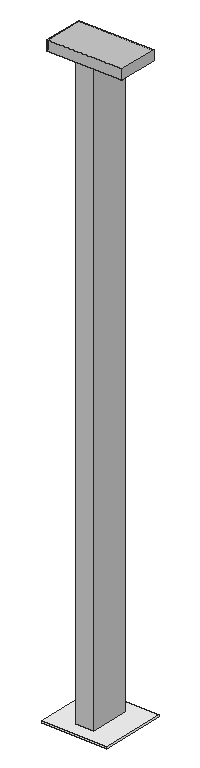
Revit family "BE_84275_de_DE", category Leuchten, Revit 2020
Family settings
  Basisbauteil = Fläche
  Bemaßung runder Anschluss = Durchmesser verwenden
  Teiletyp = Normal
  Beim Laden mit Abzugskörper schneiden = Ja
  Lichtquelle = Nein
  Gemeinsam genutzt = Nein
  Raumberechnungspunkt = Ja
Parameters (values of type "BEGA_84275_Silber_K4")
  Default Elevation = 0 mm
  Umgebungstemperatur = "25 °C"
  URL = "https://www.bega.com/de/produkt/84275"
  Typenkommentare = "© 2022 BEGA. Wir behalten uns das Recht vor, technische Änderungen ohne vorherige Ankündigung vorzunehmen."  # constant formula
  Typenbild = 84275.png
  Strom = ""
  Spannung = 239.996 V
  Sonderanfertigung = no
  Seriennummer [instance] = "Hier können Sie die eindeutige Seriennummer für das Facility Management eintragen."
  Schutzklasse = "I"
  Schutzart = "IP 65"
  Scheinlast = 0 VA
  Produktdatenblatt = "https://cdn.bega.com/bega/products/84275AK3/current/documents/data-sheets/de"
  Oberflächentemperatur = ""
  Modell = "84275AK4"
  Material_17 = BEGA_Reflektor
  Material_15 = BEGA_Leuchtmedium_matt
  Material_11 = BEGA_Glas_opal
  Material_09 = BEGA_Glas_klar
  Material_06 = BEGA_Oberfläche_Edelstahl_gebürstet
  Material_03 = BEGA_Oberfläche_Weiss_matt
  Material_02 = BEGA_Oberfläche_Silber_matt
  Material_01 [instance] = BEGA_Oberfläche_Grafit_matt
  M_W = no
  M_G = no
  M_A = yes
  Logo = 0
  Leuchtenlichtstrom = "5038 lm"
  Leuchtenanzahl = ""
  Lebensdauerkriterien = "L70B50 @ 25 °C = 200000 h"
  Lastklassifizierung = Beleuchtung
  Lampenlichtstrom = "6180 lm"
  Lampe = "LED 30.8 W"
  LED_Modulbezeichnung = "4 x LED-0850/840"
  Hersteller = "BEGA"  # constant formula
  Halbstreuwinkel = ""
  Gewicht = "35.1 kg"
  Gebrauchslageneinschränkung [instance] = ""
  Frequenz = "0/50-60 Hz"
  Farbwiedergabeindex = "CRI > 80"
  Farbtemperatur = "4000 K"
  Energieeffizienzklasse = "LED A++ - A"
  ENEC = "ja"
  Dimmbar [instance] = "DALI"
  CE_Konformität = "ja"
  Bestellnummer = "84275AK4"
  Beschreibung_Sonderanfertigung = "Hier können Sie Informationen zur Sonderanfertigung eintragen."
  Beschreibung = "Lichtbauelement"
  Befestigungsbohrung = ""
  Befestigungsabstand = ""
  Ballwurfsicher = ""
  BEGA_Intern_aus = yes
  BEGA_Intern_an = yes
  BEGA_Intern_Konstruktion = yes
  BEGA_Intern = yes
  BEGA_IES2 = yes
  BEGA_IES1 = no
  BEGA_IES = yes
  BEGA_Dummy = no
  Anschlussleitung = ""
  Anschlussleistung [instance] = "36 W"
  Anschlusskasten = ""
  Aktualisierung = "2022-05-19T04:00:07"
  Abstand_zur_angestrahlten_Fläche [instance] = ""
  AC/DC = "AC/DC"
Types (4, lengths in mm): name | Modell | M_G | M_A | Leuchtenlichtstrom | Lampenlichtstrom | LED_Modulbezeichnung | Farbtemperatur | Bestellnummer | BEGA_IES2 | BEGA_IES1
  BEGA_84275_Grafit_K3 | "84275K3" | yes | no | "4892 lm" | "6000 lm" | "4 x LED-0850/830" | "3000 K" | "84275K3" | no | yes
  BEGA_84275_Silber_K4 | "84275AK4" | no | yes | "5038 lm" | "6180 lm" | "4 x LED-0850/840" | "4000 K" | "84275AK4" | yes | no
  BEGA_84275_Silber_K3 | "84275AK3" | no | yes | "4892 lm" | "6000 lm" | "4 x LED-0850/830" | "3000 K" | "84275AK3" | no | yes
  BEGA_84275_Grafit_K4 | "84275K4" | yes | no | "5038 lm" | "6180 lm" | "4 x LED-0850/840" | "4000 K" | "84275K4" | yes | no
Reference planes
  plane 1 "Mitte (Vorne/Hinten)": y = 0
  plane 2: z = 0
  plane 3 "Mitte (Links/Rechts)": x = 0
  plane 4 "Links": x = -230
  plane 5 "Rechts": x = 230
  plane 6 "Unten": y = -120
  plane 7 "Oben": y = 120
  plane 8 "Vorne": z = 3699
  plane 9 "Hinten": z = 0
Forms (mm)
  Extrusion 1, solid, material "BEGA_Platte_Weiss"
    sketch origin (0, -1119.2, 0) x (1, 0, 0) y (0, 1, 0)
      loop
        line (-200, 1319.2) -> (-200, 919.2) -> (200, 919.2) -> (200, 1319.2) -> (-200, 1319.2)
    from 0 to -10
  Extrusion 2, solid, material "BEGA_Dummy_matt", visible <- "BEGA_Dummy"
    sketch origin (80.095, -76.023, 0) x (1, 0, 0) y (0, 1, 0)
      loop
        line (-310.095, 196.023) -> (-310.095, -43.977) -> (149.905, -43.977) -> (149.905, 196.023) -> (-310.095, 196.023)
    from 0 to 3699
Dimensions and locks
  plane 1 "Mitte (Vorne/Hinten)" to Extrusion 1 = 200 mm
  aligned and locked: plane 2 to Extrusion 1
  aligned and locked: level to Extrusion 1
Nested families
  nested 1: "BE_84275" at (0, 0, 0) x (0, 1, 0) z (0, 0, 1), type "BE_84275"
    with BEGA_IES1 no
Connectors
  electrical at (0, 0, 0), driven by "Lastklassifizierung", driven by "Spannung", driven by "Scheinlast"
    settings: index 1, voltage 239.996 V, apparent load 0 VA, apparent load phase1 0 VA, apparent load phase2 0 VA, apparent load phase3 0 VA, power factor 1, load classification "Beleuchtung", number of poles 1, system type 31, power factor state 1, is connector primary yes, connector utility no, sub classification motor no, connector description ""
Definition of nested family "BE_84275"
  Parameters (values of type "BE_84275")
    Default Elevation = 1 mm
    URL = "http://www.bega.de/de/produkt"
    Type Comments = "© 2015 BEGA. Wir behalten uns das Recht vor, technische Änderungen ohne vorherige Ankündigung vorzunehmen. "  # constant formula
    Type Image = (empty or 0)
    Neigungswinkel_um_Z2 = 0.00°
    Neigungswinkel_um_Z1 = 0.00°
    Neigungswinkel_um_Y2 = 0.00°
    Neigungswinkel_um_Y1 = 0.00°
    Neigungswinkel_um_X2 = 0.00°
    Neigungswinkel_um_X1 = 0.00°
    Material_17 = none
    Material_15 = none
    Material_11 = none
    Material_09 = none
    Material_06 = none
    Material_02 = none
    Material_01 = none
    M_W = yes
    M_G = yes
    M_A = yes
    Länge_Platte = 200 mm  # constant formula
    Höhe_Platte = -10 mm  # constant formula
    Manufacturer = "BEGA"  # constant formula
    Drehwinkel_um_Z2 = 0.00°
    Drehwinkel_um_Z1 = 0.00°
    Breite_Platte = 200 mm  # constant formula
    BEGA_IES2 = yes
    BEGA_IES1 = yes
  Reference planes
    plane 1 "Mitte (Oben/Unten)": y = 0
    plane 2: z = 0
    plane 3 "Mitte (Links/Rechts)": x = 0
    plane 4: z = 3699
    plane 5: x = 120
    plane 6: z = 0
    plane 7: x = -120
    plane 8: y = 230
    plane 9: y = -230
  Forms (mm)
    Extrusion 1, solid, detail levels medium
      sketch origin (0, 0, 0) x (1, 0, 0) y (0, 1, 0)
        loop
          line (-100, 100) -> (-100, -100) -> (100, -100) -> (100, 100) -> (-100, 100)
      from 0 to -10 <- "Höhe_Platte"
    Extrusion 2, solid, material <- "Material_01", visible <- "M_G"
      sketch origin (0, 0, 0) x (1, 0, 0) y (0, 1, 0)
        loop
          line (120, -55) -> (120, 55) -> (-120, 55) -> (-120, -55) -> (120, -55)
        loop
          line (116, -51) -> (116, 51.975) -> (-116, 51.975) -> (-116, -51) -> (116, -51)
      from 0 to 3635.9
    Extrusion 3, solid, material <- "Material_01", visible <- "M_G"
      sketch origin (0, 2, 0) x (1, 0, 0) y (0, 1, 0)
        loop
          line (120, 228) -> (-120, 228) -> (-120, -232) -> (120, -232) -> (120, 228)
        loop
          line (-117.474, -229.474) -> (117.474, -229.474) -> (117.474, 225.474) -> (-117.474, 225.474) -> (-117.474, -229.474)
      from 3639.5 to 3696
    Extrusion 4, solid, material <- "Material_01", visible <- "M_G"
      sketch origin (0, 0, 0) x (1, 0, 0) y (0, 1, 0)
        loop
          line (-120, -230) -> (120, -230) -> (120, 230) -> (-120, 230) -> (-120, -230)
      from 3696 to 3699
    Extrusion 5, solid, material <- "Material_01", visible <- "M_G"
      sketch origin (0, 0, 0) x (1, 0, 0) y (0, 1, 0)
        loop
          line (-117.474, 227.474) -> (-117.474, -227.474) -> (117.474, -227.474) -> (117.474, 227.474) -> (-117.474, 227.474)
        loop
          line (-107.474, 220.544) -> (-107.474, 60.456) -> (107.474, 60.456) -> (107.474, 220.544) -> (-107.474, 220.544)
        loop
          line (-107.474, -220.544) -> (107.474, -220.544) -> (107.474, -60.456) -> (-107.474, -60.456) -> (-107.474, -220.544)
      from 3635.9 to 3639.5
    Extrusion 6, solid, material <- "Material_09"
      sketch origin (0, 0, 0) x (0, 1, 0) y (0, 0, 1)
        loop
          line (220.5, 3636.4) -> (220.5, 3640.4) -> (60.5, 3640.4) -> (60.5, 3636.4) -> (220.5, 3636.4)
      from -107.474 to 107.474
    Extrusion 7, solid, material <- "Material_17"
      sketch origin (0, 0, 0) x (0, 1, 0) y (0, 0, 1)
        loop
          arc (212.73, 3645.6) -> (163.423, 3672.067) -> (108.727, 3683.9) r 200.8
          line (108.727, 3683.9) -> (99.596, 3683.9) -> (97.307, 3679.936) -> (98, 3679.536) -> (100, 3683) -> (110, 3683)
          arc (110, 3683) -> (163.895, 3671.04) -> (212.468, 3644.8) r 200
          line (212.468, 3644.8) -> (215.468, 3644.8) -> (215.468, 3645.6) -> (212.73, 3645.6)
        loop
          line (89.307, 3666.079) -> (84.208, 3657.247)
          arc (84.208, 3657.247) -> (84.397, 3651.38) -> (85.426, 3645.6) r 40.8
          line (85.426, 3645.6) -> (64.468, 3645.6) -> (64.468, 3644.8) -> (86.468, 3644.8)
          arc (86.468, 3644.8) -> (85.261, 3650.853) -> (85, 3657.019) r 40
          line (85, 3657.019) -> (90, 3665.679) -> (89.307, 3666.079)
      from -107.474 to 107.474
    Extrusion 8, solid, material <- "Material_17"
      sketch origin (0, 0, 0) x (0, 1, 0) y (0, 0, 1)
        loop
          line (215.468, 3644.8) -> (215.468, 3645.6) -> (212.73, 3645.6)
          arc (212.73, 3645.6) -> (163.423, 3672.067) -> (108.727, 3683.9) r 200.8
          line (108.727, 3683.9) -> (99.596, 3683.9) -> (84.208, 3657.247)
          arc (84.208, 3657.247) -> (84.397, 3651.38) -> (85.426, 3645.6) r 40.8
          line (85.426, 3645.6) -> (64.468, 3645.6) -> (64.468, 3644.8) -> (215.468, 3644.8)
      from 42 to 107.474
    Extrusion 9, solid, material <- "Material_17"
      sketch origin (0, 0, 0) x (0, 1, 0) y (0, 0, -1)
        loop
          line (215.468, -3644.8) -> (64.468, -3644.8) -> (64.468, -3645.6) -> (85.426, -3645.6)
          arc (85.426, -3645.6) -> (84.397, -3651.38) -> (84.208, -3657.247) r 40.8
          line (84.208, -3657.247) -> (99.596, -3683.9) -> (108.727, -3683.9)
          arc (108.727, -3683.9) -> (163.423, -3672.067) -> (212.73, -3645.6) r 200.8
          line (212.73, -3645.6) -> (215.468, -3645.6) -> (215.468, -3644.8)
      from 42 to 107.474
    Extrusion 10, void
      sketch origin (0, 0, 0) x (1, 0, 0) y (0, 0, 1)
        loop
          line (-107.474, 3644.8) -> (-42, 3644.8) -> (-42, 3654.002) -> (-107.474, 3644.8)
      from -212.73 to -86.468
    Extrusion 11, void
      sketch origin (0, 0, 0) x (-1, 0, 0) y (0, 0, -1)
        loop
          line (-107.474, -3644.8) -> (-42, -3654.002) -> (-42, -3644.8) -> (-107.474, -3644.8)
      from -212.73 to -86.468
    Extrusion 12, solid, material <- "Material_15"
      sketch origin (0, 0, 0) x (0, 1, 0) y (0, 0, 1)
        loop
          line (101.755, 3690.114) -> (100.196, 3691.014) -> (81.196, 3658.105) -> (82.755, 3657.205) -> (101.755, 3690.114)
      from -42 to 42
    Extrusion 13, solid, material <- "Material_02", visible <- "M_A"
      sketch origin (0, 0, 0) x (1, 0, 0) y (0, 1, 0)
        loop
          line (120, -55) -> (120, 55) -> (-120, 55) -> (-120, -55) -> (120, -55)
        loop
          line (116, -51) -> (116, 51.975) -> (-116, 51.975) -> (-116, -51) -> (116, -51)
      from 0 to 3635.9
    Extrusion 14, solid, material <- "Material_02", visible <- "M_A"
      sketch origin (0, 2, 0) x (1, 0, 0) y (0, 1, 0)
        loop
          line (120, 228) -> (-120, 228) -> (-120, -232) -> (120, -232) -> (120, 228)
        loop
          line (-117.474, -229.474) -> (117.474, -229.474) -> (117.474, 225.474) -> (-117.474, 225.474) -> (-117.474, -229.474)
      from 3639.5 to 3696
    Extrusion 15, solid, material <- "Material_02", visible <- "M_A"
      sketch origin (0, 0, 0) x (1, 0, 0) y (0, 1, 0)
        loop
          line (-120, -230) -> (120, -230) -> (120, 230) -> (-120, 230) -> (-120, -230)
      from 3696 to 3699
    Extrusion 16, solid, material <- "Material_02", visible <- "M_A"
      sketch origin (0, 0, 0) x (1, 0, 0) y (0, 1, 0)
        loop
          line (-117.474, 227.474) -> (-117.474, -227.474) -> (117.474, -227.474) -> (117.474, 227.474) -> (-117.474, 227.474)
        loop
          line (-107.474, 220.544) -> (-107.474, 60.456) -> (107.474, 60.456) -> (107.474, 220.544) -> (-107.474, 220.544)
        loop
          line (-107.474, -220.544) -> (107.474, -220.544) -> (107.474, -60.456) -> (-107.474, -60.456) -> (-107.474, -220.544)
      from 3635.9 to 3639.5
    Extrusion 17, solid, material <- "Material_17"
      sketch origin (0, 0, 0) x (0, -1, 0) y (0, 0, -1)
        loop
          line (212.73, -3645.6) -> (215.468, -3645.6) -> (215.468, -3644.8) -> (212.468, -3644.8)
          arc (212.468, -3644.8) -> (163.895, -3671.04) -> (110, -3683) r 200
          line (110, -3683) -> (100, -3683) -> (98, -3679.536) -> (97.307, -3679.936) -> (99.596, -3683.9) -> (108.727, -3683.9)
          arc (108.727, -3683.9) -> (163.423, -3672.067) -> (212.73, -3645.6) r 200.8
        loop
          line (89.307, -3666.079) -> (90, -3665.679) -> (85, -3657.019)
          arc (85, -3657.019) -> (85.261, -3650.853) -> (86.468, -3644.8) r 40
          line (86.468, -3644.8) -> (64.468, -3644.8) -> (64.468, -3645.6) -> (85.426, -3645.6)
          arc (85.426, -3645.6) -> (84.397, -3651.38) -> (84.208, -3657.247) r 40.8
          line (84.208, -3657.247) -> (89.307, -3666.079)
      from -107.474 to 107.474
    Extrusion 18, solid, material <- "Material_17"
      sketch origin (0, 0, 0) x (0, -1, 0) y (0, 0, -1)
        loop
          line (215.468, -3644.8) -> (64.468, -3644.8) -> (64.468, -3645.6) -> (85.426, -3645.6)
          arc (85.426, -3645.6) -> (84.397, -3651.38) -> (84.208, -3657.247) r 40.8
          line (84.208, -3657.247) -> (99.596, -3683.9) -> (108.727, -3683.9)
          arc (108.727, -3683.9) -> (163.423, -3672.067) -> (212.73, -3645.6) r 200.8
          line (212.73, -3645.6) -> (215.468, -3645.6) -> (215.468, -3644.8)
      from 42 to 107.474
    Extrusion 19, solid, material <- "Material_17"
      sketch origin (0, 0, 0) x (0, -1, 0) y (0, 0, 1)
        loop
          line (215.468, 3644.8) -> (215.468, 3645.6) -> (212.73, 3645.6)
          arc (212.73, 3645.6) -> (163.423, 3672.067) -> (108.727, 3683.9) r 200.8
          line (108.727, 3683.9) -> (99.596, 3683.9) -> (84.208, 3657.247)
          arc (84.208, 3657.247) -> (84.397, 3651.38) -> (85.426, 3645.6) r 40.8
          line (85.426, 3645.6) -> (64.468, 3645.6) -> (64.468, 3644.8) -> (215.468, 3644.8)
      from 42 to 107.474
    Extrusion 20, void
      sketch origin (0, 0, 0) x (-1, 0, 0) y (0, 0, 1)
        loop
          line (-107.474, 3644.8) -> (-42, 3644.8) -> (-42, 3654.002) -> (-107.474, 3644.8)
      from -212.73 to -86.468
    Extrusion 21, void
      sketch origin (0, 0, 0) x (1, 0, 0) y (0, 0, -1)
        loop
          line (-107.474, -3644.8) -> (-42, -3654.002) -> (-42, -3644.8) -> (-107.474, -3644.8)
      from -212.73 to -86.468
    Extrusion 22, solid, material <- "Material_09"
      sketch origin (0, 0, 0) x (0, -1, 0) y (0, 0, -1)
        loop
          line (220.5, -3636.4) -> (60.5, -3636.4) -> (60.5, -3640.4) -> (220.5, -3640.4) -> (220.5, -3636.4)
      from -107.474 to 107.474
    Extrusion 23, solid, material <- "Material_15"
      sketch origin (0, 0, 0) x (0, -1, 0) y (0, 0, -1)
        loop
          line (101.755, -3690.114) -> (82.755, -3657.205) -> (81.196, -3658.105) -> (100.196, -3691.014) -> (101.755, -3690.114)
      from -42 to 42
  Cuts and joins
    Extrusion 10 cuts Extrusion 3
    Extrusion 10 cuts Extrusion 4
    joined: Extrusion 3, Extrusion 4
    Extrusion 20, Extrusion 21 cuts Extrusion 7
    Extrusion 11, Extrusion 20, Extrusion 21 cuts Extrusion 8
    Extrusion 10, Extrusion 11, Extrusion 20, Extrusion 21 cuts Extrusion 9
    joined: Extrusion 7, Extrusion 8, Extrusion 9
    joined: Extrusion 14, Extrusion 15
    Extrusion 20 cuts Extrusion 18
    Extrusion 21 cuts Extrusion 19
    joined: Extrusion 17, Extrusion 18, Extrusion 19
  Dimensions and locks
    equal spacing: Extrusion 1 sketch curve, plane 3 "Mitte (Links/Rechts)", Extrusion 1 sketch curve
    equal spacing: Extrusion 1 sketch curve, plane 1 "Mitte (Oben/Unten)", Extrusion 1 sketch curve
    "Länge_Platte": Extrusion 1 sketch curve to Extrusion 1 sketch curve
    "Breite_Platte": Extrusion 1 sketch curve to Extrusion 1 sketch curve
    aligned and locked: plane 2 to Extrusion 1
    aligned and locked: level to Extrusion 1
  Automatic sketch dimensions
    Extrusion 2 sketch curve to plane 7 = 0 mm
    Extrusion 2 sketch curve to plane 5 = 0 mm
    plane 7 to Extrusion 2 sketch curve = 4 mm
    plane 5 to Extrusion 2 sketch curve = 4 mm
    Extrusion 2 sketch curve to plane 1 "Mitte (Oben/Unten)" = 51.975 mm
    Extrusion 2 sketch curve to Extrusion 2 sketch curve = 3.025 mm
    Extrusion 3 sketch curve to plane 7 = 0 mm
    Extrusion 3 sketch curve to plane 5 = 0 mm
    plane 7 to Extrusion 3 sketch curve = 2.526 mm
    plane 5 to Extrusion 3 sketch curve = 2.526 mm
    Extrusion 3 sketch curve to Extrusion 3 sketch curve = 2.526 mm  (x2)
    Extrusion 4 sketch curve to plane 7 = 0 mm
    Extrusion 4 sketch curve to plane 5 = 0 mm
    plane 7 to Extrusion 5 sketch curve = 2.526 mm
    Extrusion 5 sketch curve to Extrusion 5 sketch curve = 10 mm  (x2)
    plane 5 to Extrusion 5 sketch curve = 12.526 mm  (x2)
    plane 5 to Extrusion 5 sketch curve = 2.526 mm
    Extrusion 5 sketch curve to Extrusion 5 sketch curve = 6.931 mm  (x2)
    Extrusion 5 sketch curve to plane 1 "Mitte (Oben/Unten)" = 60.456 mm
    Extrusion 6 sketch curve to plane 1 "Mitte (Oben/Unten)" = 60.5 mm
    Extrusion 6 sketch curve to plane 4 = 62.6 mm
    Extrusion 6 sketch curve to Extrusion 6 sketch curve = 4 mm
    Extrusion 7 sketch curve to Extrusion 7 sketch curve = 0 mm  (x5)
    Extrusion 7 sketch curve to plane 1 "Mitte (Oben/Unten)" = 64.468 mm
    Extrusion 7 sketch curve to plane 4 = 41.753 mm
    Extrusion 7 sketch curve to Extrusion 7 sketch curve = 19.74 mm
    Extrusion 7 sketch curve to plane 4 = 41.981 mm
    Extrusion 7 sketch curve to Extrusion 7 sketch curve = 0.792 mm
    Extrusion 7 sketch curve to Extrusion 7 sketch curve = 0.426 mm
    Extrusion 7 sketch curve to Extrusion 7 sketch curve = 1.042 mm
    Extrusion 7 sketch curve to plane 4 = 32.921 mm
    Extrusion 7 sketch curve to Extrusion 7 sketch curve = 4.307 mm
    Extrusion 7 sketch curve to plane 4 = 33.321 mm
    Extrusion 7 sketch curve to Extrusion 7 sketch curve = 0.693 mm  (x2)
    Extrusion 7 sketch curve to plane 1 "Mitte (Oben/Unten)" = 94.032 mm
    Extrusion 7 sketch curve to plane 4 = 19.064 mm
    Extrusion 7 sketch curve to Extrusion 7 sketch curve = 8 mm
    Extrusion 7 sketch curve to plane 4 = 19.464 mm
    Extrusion 7 sketch curve to plane 4 = 15.1 mm
    Extrusion 7 sketch curve to Extrusion 7 sketch curve = 2.289 mm
    Extrusion 7 sketch curve to plane 4 = 16 mm
    Extrusion 7 sketch curve to Extrusion 7 sketch curve = 0.404 mm
    Extrusion 7 sketch curve to Extrusion 7 sketch curve = 8.727 mm
    Extrusion 7 sketch curve to Extrusion 7 sketch curve = 1.272 mm
    Extrusion 7 sketch curve to Extrusion 7 sketch curve = 14.976 mm
    Extrusion 7 sketch curve to Extrusion 7 sketch curve = 0.262 mm
    Extrusion 7 sketch curve to Extrusion 7 sketch curve = 2.738 mm
    Extrusion 7 sketch curve to Extrusion 7 sketch curve = 27.377 mm
    Extrusion 7 sketch curve to plane 4 = 53.4 mm
    Extrusion 8 sketch curve to plane 1 "Mitte (Oben/Unten)" = 64.468 mm
    Extrusion 8 sketch curve to plane 4 = 41.753 mm
    Extrusion 8 sketch curve to Extrusion 8 sketch curve = 19.74 mm
    Extrusion 8 sketch curve to Extrusion 8 sketch curve = 1.218 mm
    Extrusion 8 sketch curve to plane 1 "Mitte (Oben/Unten)" = 94.032 mm
    Extrusion 8 sketch curve to plane 4 = 15.1 mm
    Extrusion 8 sketch curve to Extrusion 8 sketch curve = 15.388 mm
    Extrusion 8 sketch curve to Extrusion 8 sketch curve = 9.132 mm
    Extrusion 8 sketch curve to Extrusion 8 sketch curve = 16.248 mm
    Extrusion 8 sketch curve to Extrusion 8 sketch curve = 2.738 mm
    Extrusion 8 sketch curve to Extrusion 8 sketch curve = 28.276 mm
    Extrusion 8 sketch curve to plane 4 = 53.4 mm
    Extrusion 8 sketch curve to Extrusion 8 sketch curve = 0.8 mm
    Extrusion 9 sketch curve to plane 1 "Mitte (Oben/Unten)" = 64.468 mm
    Extrusion 9 sketch curve to plane 4 = 41.753 mm
    Extrusion 9 sketch curve to Extrusion 9 sketch curve = 19.74 mm
    Extrusion 9 sketch curve to Extrusion 9 sketch curve = 1.218 mm
    Extrusion 9 sketch curve to plane 1 "Mitte (Oben/Unten)" = 94.032 mm
    Extrusion 9 sketch curve to plane 4 = 15.1 mm
    Extrusion 9 sketch curve to Extrusion 9 sketch curve = 15.388 mm
    Extrusion 9 sketch curve to Extrusion 9 sketch curve = 9.132 mm
    Extrusion 9 sketch curve to Extrusion 9 sketch curve = 16.248 mm
    Extrusion 9 sketch curve to Extrusion 9 sketch curve = 2.738 mm
    Extrusion 9 sketch curve to Extrusion 9 sketch curve = 28.276 mm
    Extrusion 9 sketch curve to plane 4 = 53.4 mm
    Extrusion 9 sketch curve to Extrusion 9 sketch curve = 0.8 mm
    plane 7 to Extrusion 10 sketch curve = 12.526 mm
    Extrusion 10 sketch curve to plane 3 "Mitte (Links/Rechts)" = 42 mm
    Extrusion 10 sketch curve to plane 4 = 54.2 mm
    Extrusion 10 sketch curve to Extrusion 10 sketch curve = 9.202 mm
    Extrusion 11 sketch curve to plane 5 = 12.526 mm
    Extrusion 11 sketch curve to plane 3 "Mitte (Links/Rechts)" = 42 mm
    plane 4 to Extrusion 11 sketch curve = 54.2 mm
    Extrusion 11 sketch curve to Extrusion 11 sketch curve = 9.202 mm
    Extrusion 12 sketch curve to plane 1 "Mitte (Oben/Unten)" = 81.196 mm
    Extrusion 12 sketch curve to Extrusion 12 sketch curve = 1.559 mm  (x2)
    Extrusion 12 sketch curve to plane 4 = 7.986 mm
    Extrusion 12 sketch curve to Extrusion 12 sketch curve = 19 mm
    Extrusion 12 sketch curve to plane 4 = 8.886 mm
    Extrusion 12 sketch curve to Extrusion 12 sketch curve = 32.909 mm
    Extrusion 12 sketch curve to Extrusion 12 sketch curve = 0.9 mm
    Extrusion 13 sketch curve to plane 7 = 0 mm
    Extrusion 13 sketch curve to plane 5 = 0 mm
    plane 7 to Extrusion 13 sketch curve = 4 mm
    plane 5 to Extrusion 13 sketch curve = 4 mm
    Extrusion 13 sketch curve to plane 1 "Mitte (Oben/Unten)" = 51.975 mm
    Extrusion 13 sketch curve to Extrusion 13 sketch curve = 3.025 mm
    Extrusion 14 sketch curve to plane 7 = 0 mm
    Extrusion 14 sketch curve to plane 5 = 0 mm
    plane 7 to Extrusion 14 sketch curve = 2.526 mm
    plane 5 to Extrusion 14 sketch curve = 2.526 mm
    Extrusion 14 sketch curve to Extrusion 14 sketch curve = 2.526 mm  (x2)
    Extrusion 15 sketch curve to plane 7 = 0 mm
    Extrusion 15 sketch curve to plane 5 = 0 mm
    plane 7 to Extrusion 16 sketch curve = 2.526 mm
    Extrusion 16 sketch curve to Extrusion 16 sketch curve = 10 mm  (x2)
    plane 5 to Extrusion 16 sketch curve = 12.526 mm  (x2)
    plane 5 to Extrusion 16 sketch curve = 2.526 mm
    Extrusion 16 sketch curve to Extrusion 16 sketch curve = 6.931 mm  (x2)
    Extrusion 16 sketch curve to plane 1 "Mitte (Oben/Unten)" = 60.456 mm
    Extrusion 17 sketch curve to Extrusion 17 sketch curve = 0 mm  (x7)
    Extrusion 17 sketch curve to Extrusion 17 sketch curve = 19.74 mm
    Extrusion 17 sketch curve to Extrusion 17 sketch curve = 0.792 mm
    Extrusion 17 sketch curve to Extrusion 17 sketch curve = 0.426 mm
    Extrusion 17 sketch curve to Extrusion 17 sketch curve = 1.042 mm
    Extrusion 17 sketch curve to Extrusion 17 sketch curve = 4.307 mm
    Extrusion 17 sketch curve to Extrusion 17 sketch curve = 0.693 mm  (x2)
    plane 4 to Extrusion 17 sketch curve = 19.064 mm
    Extrusion 17 sketch curve to Extrusion 17 sketch curve = 8 mm
    plane 4 to Extrusion 17 sketch curve = 19.464 mm
    plane 4 to Extrusion 17 sketch curve = 15.1 mm
    Extrusion 17 sketch curve to Extrusion 17 sketch curve = 2.289 mm
    plane 4 to Extrusion 17 sketch curve = 16 mm
    Extrusion 17 sketch curve to Extrusion 17 sketch curve = 0.404 mm
    Extrusion 17 sketch curve to Extrusion 17 sketch curve = 8.727 mm
    Extrusion 17 sketch curve to Extrusion 17 sketch curve = 1.272 mm
    Extrusion 17 sketch curve to Extrusion 17 sketch curve = 14.976 mm
    plane 4 to Extrusion 17 sketch curve = 54.2 mm
    Extrusion 17 sketch curve to Extrusion 17 sketch curve = 87.492 mm
    Extrusion 17 sketch curve to Extrusion 17 sketch curve = 0.262 mm
    Extrusion 17 sketch curve to Extrusion 17 sketch curve = 2.738 mm
    Extrusion 17 sketch curve to Extrusion 17 sketch curve = 35.136 mm
    Extrusion 17 sketch curve to Extrusion 17 sketch curve = 0.8 mm
    Extrusion 17 sketch curve to Extrusion 17 sketch curve = 27.377 mm
    Extrusion 17 sketch curve to Extrusion 17 sketch curve = 8.66 mm
    Extrusion 17 sketch curve to Extrusion 17 sketch curve = 0.4 mm
    Extrusion 18 sketch curve to Extrusion 18 sketch curve = 19.74 mm
    Extrusion 18 sketch curve to Extrusion 18 sketch curve = 1.218 mm
    plane 4 to Extrusion 18 sketch curve = 15.1 mm
    Extrusion 18 sketch curve to Extrusion 18 sketch curve = 15.388 mm
    Extrusion 18 sketch curve to Extrusion 18 sketch curve = 9.132 mm
    Extrusion 18 sketch curve to Extrusion 18 sketch curve = 16.248 mm
    plane 4 to Extrusion 18 sketch curve = 53.4 mm
    Extrusion 18 sketch curve to Extrusion 18 sketch curve = 87.754 mm
    Extrusion 18 sketch curve to Extrusion 18 sketch curve = 2.738 mm
    Extrusion 18 sketch curve to Extrusion 18 sketch curve = 39.1 mm
    Extrusion 18 sketch curve to Extrusion 18 sketch curve = 0.8 mm
    Extrusion 18 sketch curve to Extrusion 18 sketch curve = 28.276 mm
    Extrusion 19 sketch curve to Extrusion 19 sketch curve = 19.74 mm
    Extrusion 19 sketch curve to Extrusion 19 sketch curve = 1.218 mm
    Extrusion 19 sketch curve to plane 4 = 15.1 mm
    Extrusion 19 sketch curve to Extrusion 19 sketch curve = 15.388 mm
    Extrusion 19 sketch curve to Extrusion 19 sketch curve = 9.132 mm
    Extrusion 19 sketch curve to Extrusion 19 sketch curve = 16.248 mm
    Extrusion 19 sketch curve to plane 4 = 53.4 mm
    Extrusion 19 sketch curve to Extrusion 19 sketch curve = 87.754 mm
    Extrusion 19 sketch curve to Extrusion 19 sketch curve = 2.738 mm
    Extrusion 19 sketch curve to Extrusion 19 sketch curve = 39.1 mm
    Extrusion 19 sketch curve to Extrusion 19 sketch curve = 0.8 mm
    Extrusion 19 sketch curve to Extrusion 19 sketch curve = 28.276 mm
    plane 5 to Extrusion 20 sketch curve = 12.526 mm
    plane 3 "Mitte (Links/Rechts)" to Extrusion 20 sketch curve = 42 mm
    Extrusion 20 sketch curve to plane 4 = 54.2 mm
    Extrusion 20 sketch curve to Extrusion 20 sketch curve = 9.202 mm
    plane 7 to Extrusion 21 sketch curve = 12.526 mm
    Extrusion 21 sketch curve to plane 3 "Mitte (Links/Rechts)" = 42 mm
    Extrusion 21 sketch curve to plane 4 = 44.998 mm
    Extrusion 21 sketch curve to Extrusion 21 sketch curve = 9.202 mm
    plane 4 to Extrusion 22 sketch curve = 62.6 mm
    Extrusion 22 sketch curve to Extrusion 22 sketch curve = 160 mm
    Extrusion 22 sketch curve to Extrusion 22 sketch curve = 4 mm
    Extrusion 23 sketch curve to Extrusion 23 sketch curve = 1.559 mm  (x2)
    plane 4 to Extrusion 23 sketch curve = 7.986 mm
    Extrusion 23 sketch curve to Extrusion 23 sketch curve = 19 mm
    plane 4 to Extrusion 23 sketch curve = 8.886 mm
    Extrusion 23 sketch curve to Extrusion 23 sketch curve = 32.909 mm
    Extrusion 23 sketch curve to Extrusion 23 sketch curve = 0.9 mm
    plane 1 "Mitte (Oben/Unten)" to Extrusion 2 sketch curve = 51 mm
    Extrusion 2 sketch curve to Extrusion 2 sketch curve = 4 mm
    plane 1 "Mitte (Oben/Unten)" to Extrusion 3 sketch curve = 227.474 mm
    plane 1 "Mitte (Oben/Unten)" to Extrusion 4 sketch curve = 230 mm
    plane 1 "Mitte (Oben/Unten)" to Extrusion 5 sketch curve = 60.456 mm
    Extrusion 5 sketch curve to Extrusion 5 sketch curve = 160.088 mm  (x2)
    plane 1 "Mitte (Oben/Unten)" to Extrusion 13 sketch curve = 51 mm
    Extrusion 13 sketch curve to Extrusion 13 sketch curve = 4 mm
    plane 1 "Mitte (Oben/Unten)" to Extrusion 14 sketch curve = 227.474 mm
    plane 1 "Mitte (Oben/Unten)" to Extrusion 15 sketch curve = 230 mm
    plane 1 "Mitte (Oben/Unten)" to Extrusion 16 sketch curve = 60.456 mm
    Extrusion 16 sketch curve to Extrusion 16 sketch curve = 160.088 mm  (x2)
    Extrusion 17 sketch curve to plane 1 "Mitte (Oben/Unten)" = 64.468 mm
    Extrusion 17 sketch curve to plane 1 "Mitte (Oben/Unten)" = 94.032 mm
    Extrusion 18 sketch curve to plane 1 "Mitte (Oben/Unten)" = 64.468 mm
    Extrusion 18 sketch curve to plane 1 "Mitte (Oben/Unten)" = 94.032 mm
    plane 1 "Mitte (Oben/Unten)" to Extrusion 19 sketch curve = 64.468 mm
    plane 1 "Mitte (Oben/Unten)" to Extrusion 19 sketch curve = 94.032 mm
    Extrusion 22 sketch curve to plane 1 "Mitte (Oben/Unten)" = 60.5 mm
    Extrusion 23 sketch curve to plane 1 "Mitte (Oben/Unten)" = 81.196 mm
    Extrusion 3 sketch curve to plane 1 "Mitte (Oben/Unten)" = 227.474 mm
    Extrusion 4 sketch curve to plane 1 "Mitte (Oben/Unten)" = 230 mm
    Extrusion 6 sketch curve to Extrusion 6 sketch curve = 160 mm
    Extrusion 7 sketch curve to Extrusion 7 sketch curve = 87.492 mm
    Extrusion 8 sketch curve to Extrusion 8 sketch curve = 87.754 mm
    Extrusion 9 sketch curve to Extrusion 9 sketch curve = 87.754 mm
    Extrusion 14 sketch curve to plane 1 "Mitte (Oben/Unten)" = 227.474 mm
    Extrusion 15 sketch curve to plane 1 "Mitte (Oben/Unten)" = 230 mm
  Nested families
    nested 1: "BE_84275_K3" at (-8.653, -159.456, 3699) x (0, -1, 0) z (0, 0, 1), visible <- "BEGA_IES1", type "BE_84275_K3"
    nested 2: "BE_84275_K4" at (6.273, -154.456, 3699) x (0, -1, 0) z (0, 0, 1), visible <- "BEGA_IES2", type "BE_84275_K4"
    nested 3: "BE_84275_K4" at (6.273, 154.456, 3699) x (0, 1, 0) z (0, 0, 1), visible <- "BEGA_IES2", type "BE_84275_K4"
    nested 4: "BE_84275_K3" at (-8.653, 159.456, 3699) x (0, 1, 0) z (0, 0, 1), visible <- "BEGA_IES1", type "BE_84275_K3"
  Definition of nested family "BE_84275_K3"
    Parameters (values of type "BE_84275_K3")
      built-in parameter 1150104 = 14.772 (stored number, unit not read)
      Wattage = 15.4 W
      Default Elevation = 1 mm
      Emit from Line Length = 609.6 mm
      built-in parameter 1150113 = 1 (stored number, unit not read)
      built-in parameter 1114218 = 1 (stored number, unit not read)
      URL = "http://www.bega.de/de/produkt"
      Type Comments = "© 2015 BEGA. Wir behalten uns das Recht vor, technische Änderungen ohne vorherige Ankündigung vorzunehmen. "  # constant formula
      Type Image = (empty or 0)
      built-in parameter 1150134 = (empty or 0)
      built-in parameter 1150109 = 1 (stored number, unit not read)
      built-in parameter 1150110 = 1 (stored number, unit not read)
      Neigungswinkel_um_Z2 = 0.00°
      Neigungswinkel_um_Z1 = 0.00°
      Neigungswinkel_um_Y2 = 0.00°
      Neigungswinkel_um_Y1 = 0.00°
      Neigungswinkel_um_X2 = 0.00°
      Neigungswinkel_um_X1 = 0.00°
      Tilt Angle = 60.00°
      Material_17 = none
      Material_15 = none
      Material_11 = none
      Material_09 = none
      Material_06 = none
      Material_02 = none
      Material_01 = none
      M_W = yes
      M_G = yes
      M_A = yes
      Länge_Platte = 200 mm  # constant formula
      built-in parameter 1114217 = 1 (stored number, unit not read)
      built-in parameter 1150139 = (empty or 0)
      built-in parameter 1150105 = 1796.1 (stored number, unit not read)
      built-in parameter 1150114 = 1 (stored number, unit not read)
      Lumens = 2448.6 lm
      built-in parameter 1150115 = 1 (stored number, unit not read)
      built-in parameter 1150112 = 1 (stored number, unit not read)
      Höhe_Platte = -10 mm  # constant formula
      Manufacturer = "BEGA"  # constant formula
      Dimming Lamp Color Temperature Shift = (empty or 0)
      Color Filter = 16777215
      built-in parameter 1150133 = 10 (stored number, unit not read)
      built-in parameter 1150137 = (empty or 0)
      built-in parameter 1150132 = (empty or 0)
      Drehwinkel_um_Z2 = 0.00°
      Drehwinkel_um_Z1 = 0.00°
      Photometric Web File = "BE_84273K3.IES"
      Breite_Platte = 200 mm  # constant formula
      built-in parameter 1150106 = 17.961 (stored number, unit not read)
      built-in parameter 1150107 = 3000 (stored number, unit not read)
      built-in parameter 1150102 = (empty or 0)
      built-in parameter 1150138 = (empty or 0)
    Reference planes
      plane 1 "Mitte (Oben/Unten)": y = 0
      plane 2: z = 0
      plane 3 "Mitte (Links/Rechts)": x = 0
      plane 4 "Vorne": z = 200
      plane 5 "Hinten": z = -100
      plane 6 "Links": x = -200
      plane 7 "Rechts": x = 200
      plane 8 "Oben": y = 200
      plane 9 "Unten": y = -200
    Forms (mm)
      Extrusion 1, solid, detail levels medium
        sketch origin (0, 0, 0) x (1, 0, 0) y (0, 1, 0)
          loop
            line (-100, 100) -> (-100, -100) -> (100, -100) -> (100, 100) -> (-100, 100)
        from 0 to -10 <- "Höhe_Platte"
    Dimensions and locks
      equal spacing: Extrusion 1 sketch curve, plane 3 "Mitte (Links/Rechts)", Extrusion 1 sketch curve
      equal spacing: Extrusion 1 sketch curve, plane 1 "Mitte (Oben/Unten)", Extrusion 1 sketch curve
      "Länge_Platte": Extrusion 1 sketch curve to Extrusion 1 sketch curve
      "Breite_Platte": Extrusion 1 sketch curve to Extrusion 1 sketch curve
      aligned and locked: plane 2 to Extrusion 1
      aligned and locked: level to Extrusion 1
  Definition of nested family "BE_84275_K4"
    Parameters (values of type "BE_84275_K4")
      built-in parameter 1150104 = 15.236 (stored number, unit not read)
      Wattage = 15.4 W
      Default Elevation = 1 mm
      Emit from Line Length = 609.6 mm
      built-in parameter 1150113 = 1 (stored number, unit not read)
      built-in parameter 1114218 = 1 (stored number, unit not read)
      URL = "http://www.bega.de/de/produkt"
      Type Comments = "© 2015 BEGA. Wir behalten uns das Recht vor, technische Änderungen ohne vorherige Ankündigung vorzunehmen. "  # constant formula
      Type Image = (empty or 0)
      built-in parameter 1150134 = 12
      built-in parameter 1150109 = 1 (stored number, unit not read)
      built-in parameter 1150110 = 1 (stored number, unit not read)
      Neigungswinkel_um_Z2 = 0.00°
      Neigungswinkel_um_Z1 = 0.00°
      Neigungswinkel_um_Y2 = 0.00°
      Neigungswinkel_um_Y1 = 0.00°
      Neigungswinkel_um_X2 = 0.00°
      Neigungswinkel_um_X1 = 0.00°
      Tilt Angle = 60.00°
      Material_17 = none
      Material_15 = none
      Material_11 = none
      Material_09 = none
      Material_06 = none
      Material_02 = none
      Material_01 = none
      M_W = yes
      M_G = yes
      M_A = yes
      Länge_Platte = 200 mm  # constant formula
      built-in parameter 1114217 = 1 (stored number, unit not read)
      built-in parameter 1150139 = (empty or 0)
      built-in parameter 1150105 = 1852.6 (stored number, unit not read)
      built-in parameter 1150114 = 1 (stored number, unit not read)
      Lumens = 2525.6 lm
      built-in parameter 1150115 = 1 (stored number, unit not read)
      built-in parameter 1150112 = 1 (stored number, unit not read)
      Höhe_Platte = -10 mm  # constant formula
      Manufacturer = "BEGA"  # constant formula
      Dimming Lamp Color Temperature Shift = (empty or 0)
      Color Filter = 16777215
      built-in parameter 1150133 = 10 (stored number, unit not read)
      built-in parameter 1150137 = (empty or 0)
      built-in parameter 1150132 = (empty or 0)
      Drehwinkel_um_Z2 = 0.00°
      Drehwinkel_um_Z1 = 0.00°
      Photometric Web File = "BE_84273K4.IES"
      Breite_Platte = 200 mm  # constant formula
      built-in parameter 1150106 = 18.526 (stored number, unit not read)
      built-in parameter 1150107 = 4000 (stored number, unit not read)
      built-in parameter 1150102 = (empty or 0)
      built-in parameter 1150138 = (empty or 0)
    Reference planes
      plane 1 "Mitte (Oben/Unten)": y = 0
      plane 2: z = 0
      plane 3 "Mitte (Links/Rechts)": x = 0
      plane 4 "Vorne": z = 200
      plane 5 "Hinten": z = -100
      plane 6 "Links": x = -200
      plane 7 "Rechts": x = 200
      plane 8 "Oben": y = 200
      plane 9 "Unten": y = -200
    Forms (mm)
      Extrusion 1, solid, detail levels medium
        sketch origin (0, 0, 0) x (1, 0, 0) y (0, 1, 0)
          loop
            line (-100, 100) -> (-100, -100) -> (100, -100) -> (100, 100) -> (-100, 100)
        from 0 to -10 <- "Höhe_Platte"
    Dimensions and locks
      equal spacing: Extrusion 1 sketch curve, plane 3 "Mitte (Links/Rechts)", Extrusion 1 sketch curve
      equal spacing: Extrusion 1 sketch curve, plane 1 "Mitte (Oben/Unten)", Extrusion 1 sketch curve
      "Länge_Platte": Extrusion 1 sketch curve to Extrusion 1 sketch curve
      "Breite_Platte": Extrusion 1 sketch curve to Extrusion 1 sketch curve
      aligned and locked: plane 2 to Extrusion 1
      aligned and locked: level to Extrusion 1
